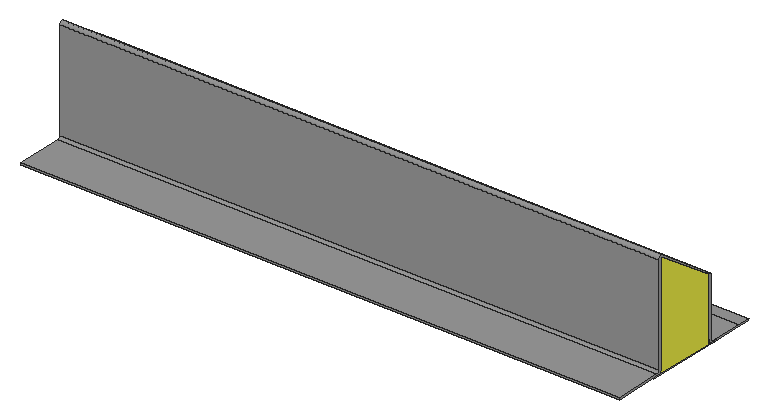
Revit family "HDK 130", category Generic Models, Revit 2014
Parameters (values of type "Max lintel length 4000mm")
  URL = "http://www.keystonelintels.co.uk"
  Structural Opening [instance] = 900 mm
  Structural Performance = "The Keystone lintel range has safe working loads as detailed in each applicable loading table in the Keystone Lintel Guide brochure. The structural performance figures within each table have been ascertained by testing in accordance with the requirements of standards BS EN 5977-2: 1983 and BS EN 845-2: 2003."
  RIBA Productor Selector = "available for Keystone Lintels Ltd from Keystone Lintels Ltd from ribaproductselector.com"
  Model = "HD/K 130"
  Min Length = 600 mm
  Min Clear Span = 300 mm
  Max Length = 4000 mm
  Max Clear Span = 4800 mm
  Material - Stainless Steel = "Grade 304 2b 1.4307 to BS EN 10088-2. Other grades available on request: contact manufacturer."
  Material - Galvanised Steel = "To BS EN 10346: 2009. DX51D plus Z600 or grade Z275 to BS 5977-2: 1983 (BS EN 845-2: 2003)."
  Manufacturer = "Keystone"
  Manufactured Length [instance] = (roundup(Effective Length / 150 mm) * 150 mm)  # 1200 mm
  Lintel height [instance] = 2100 mm
  Keynote = "F30/755"
  Fire Performance = "Keystone lintels have been subjected to a fire test (WARRES No. 101263) in accordance with BS 476-20: 1987, at Exova Warrington Fire and achieved a one hour fire performance."
  End Bearing = 150 mm
  Effective Length [instance] = Clear Opening with MIN MAX set + End Bearing * 2  # 1200 mm
  Corrosion = "Keystone’s standard range of lintels are manufactured from high quality grade pre-galvanized carbon steel with a zinc coating of 600"
  Contact Tel = "+44 (0)28 8676 2184"
  Contact Email = "info@keystonelintels.co.uk"
  Clear Opening with MIN MAX set [instance] = if(Structural Opening < Min Clear Span, Min Clear Span, (if(Structural Opening > Max Clear Span, Max Clear Span, Structural Opening)))  # 900 mm
  CPD Information = "Available for Keystone Lintels Ltd from ribacpd.com"
Reference planes
  plane 1 "Center (Front/Back)": y = 0
  plane 2: z = 0
  plane 3 "Center (Left/Right)": x = 0
  plane 4: x = -600
  plane 5: x = 600
  plane 6: z = 2100
  plane 7: x = -450
  plane 8: x = 450
Forms (mm)
  Extrusion 1, solid, material "Steel"
    sketch origin (0, 713.339, -504.723) x (0, 1, 0) y (0, 0, 1)
      loop
        line (-580.486, 2607.923) -> (-645.486, 2607.923)
        arc (-645.486, 2607.923) -> (-649.022, 2609.388) -> (-650.486, 2612.923) r 5
        line (-650.486, 2612.923) -> (-650.486, 2729.215)
        arc (-650.486, 2729.215) -> (-651.074, 2731.616) -> (-652.704, 2733.474) r 5.2
        line (-652.704, 2733.474) -> (-770.304, 2815.819)
        arc (-770.304, 2815.819) -> (-775.687, 2816.171) -> (-778.486, 2811.559) r 5.2
        line (-778.486, 2811.559) -> (-778.486, 2612.923)
        arc (-778.486, 2612.923) -> (-779.951, 2609.388) -> (-783.486, 2607.923) r 5
        line (-783.486, 2607.923) -> (-878.486, 2607.923) -> (-878.486, 2604.723) -> (-783.486, 2604.723)
        arc (-783.486, 2604.723) -> (-777.688, 2607.125) -> (-775.286, 2612.923) r 8.2
        line (-775.286, 2612.923) -> (-775.286, 2811.559)
        arc (-775.286, 2811.559) -> (-774.21, 2813.333) -> (-772.139, 2813.197) r 2
        line (-772.139, 2813.197) -> (-654.539, 2730.853)
        arc (-654.539, 2730.853) -> (-653.912, 2730.138) -> (-653.686, 2729.215) r 2
        line (-653.686, 2729.215) -> (-653.686, 2612.923)
        arc (-653.686, 2612.923) -> (-651.284, 2607.125) -> (-645.486, 2604.723) r 8.2
        line (-645.486, 2604.723) -> (-580.541, 2604.723) -> (-555.595, 2603.874) -> (-555.486, 2607.072) -> (-580.486, 2607.923)
    from -600 to 600
  Extrusion 2, solid, material "Insulation"
    sketch origin (0, 713.339, -504.723) x (0, 1, 0) y (0, 0, 1)
      loop
        arc (-645.486, 2604.723) -> (-651.284, 2607.125) -> (-653.686, 2612.923) r 8.2
        line (-653.686, 2612.923) -> (-653.686, 2729.215)
        arc (-653.686, 2729.215) -> (-653.912, 2730.138) -> (-654.539, 2730.853) r 2
        line (-654.539, 2730.853) -> (-772.139, 2813.197)
        arc (-772.139, 2813.197) -> (-774.21, 2813.333) -> (-775.286, 2811.559) r 2
        line (-775.286, 2811.559) -> (-775.286, 2612.923)
        arc (-775.286, 2612.923) -> (-777.688, 2607.125) -> (-783.486, 2604.723) r 8.2
        line (-783.486, 2604.723) -> (-654.926, 2604.723) -> (-654.926, 2612.723) -> (-653.926, 2612.723) -> (-653.926, 2604.723) -> (-645.486, 2604.723)
    from -600 to 600
  Extrusion 3, solid, material "Steel"
    sketch origin (0, 713.339, -504.723) x (0, 1, 0) y (0, 0, 1)
      loop
        line (-636.926, 2604.723) -> (-653.926, 2604.723) -> (-653.926, 2612.723) -> (-654.926, 2612.723) -> (-654.926, 2604.723) -> (-791.957, 2604.723) -> (-791.957, 2603.723) -> (-636.926, 2603.723) -> (-636.926, 2604.723)
    from -600 to 600
  Extrusion 4, solid, not visible
    sketch origin (0, 1040.762, 965.696) x (0, 1, 0) y (0, 0, 1)
      loop
        line (-636.926, 1004.723) -> (-653.926, 1004.723) -> (-653.926, 1012.723) -> (-654.926, 1012.723) -> (-654.926, 1004.723) -> (-791.957, 1004.723) -> (-791.957, 1003.723) -> (-636.926, 1003.723) -> (-636.926, 1004.723)
    from 0 to 250
  Extrusion 5, solid, not visible
    sketch origin (0, 476.44, 1253.798) x (0, 1, 0) y (0, 0, 1)
      loop
        arc (-645.486, 1004.723) -> (-651.284, 1007.125) -> (-653.686, 1012.923) r 8.2
        line (-653.686, 1012.923) -> (-653.686, 1129.215)
        arc (-653.686, 1129.215) -> (-653.912, 1130.138) -> (-654.539, 1130.853) r 2
        line (-654.539, 1130.853) -> (-772.139, 1213.197)
        arc (-772.139, 1213.197) -> (-774.21, 1213.333) -> (-775.286, 1211.559) r 2
        line (-775.286, 1211.559) -> (-775.286, 1012.923)
        arc (-775.286, 1012.923) -> (-777.688, 1007.125) -> (-783.486, 1004.723) r 8.2
        line (-783.486, 1004.723) -> (-654.926, 1004.723) -> (-654.926, 1012.723) -> (-653.926, 1012.723) -> (-653.926, 1004.723) -> (-645.486, 1004.723)
    from 0 to 250
  Extrusion 6, solid, not visible
    sketch origin (0, 1002.387, 1251.366) x (0, 1, 0) y (0, 0, 1)
      loop
        line (-580.486, 1007.923) -> (-645.486, 1007.923)
        arc (-645.486, 1007.923) -> (-649.022, 1009.388) -> (-650.486, 1012.923) r 5
        line (-650.486, 1012.923) -> (-650.486, 1129.215)
        arc (-650.486, 1129.215) -> (-651.074, 1131.616) -> (-652.704, 1133.474) r 5.2
        line (-652.704, 1133.474) -> (-770.304, 1215.819)
        arc (-770.304, 1215.819) -> (-775.687, 1216.171) -> (-778.486, 1211.559) r 5.2
        line (-778.486, 1211.559) -> (-778.486, 1012.923)
        arc (-778.486, 1012.923) -> (-779.951, 1009.388) -> (-783.486, 1007.923) r 5
        line (-783.486, 1007.923) -> (-878.486, 1007.923) -> (-878.486, 1004.723) -> (-783.486, 1004.723)
        arc (-783.486, 1004.723) -> (-777.688, 1007.125) -> (-775.286, 1012.923) r 8.2
        line (-775.286, 1012.923) -> (-775.286, 1211.559)
        arc (-775.286, 1211.559) -> (-774.21, 1213.333) -> (-772.139, 1213.197) r 2
        line (-772.139, 1213.197) -> (-654.539, 1130.853)
        arc (-654.539, 1130.853) -> (-653.912, 1130.138) -> (-653.686, 1129.215) r 2
        line (-653.686, 1129.215) -> (-653.686, 1012.923)
        arc (-653.686, 1012.923) -> (-651.284, 1007.125) -> (-645.486, 1004.723) r 8.2
        line (-645.486, 1004.723) -> (-580.541, 1004.723) -> (-555.595, 1003.874) -> (-555.486, 1007.072) -> (-580.486, 1007.923)
    from 0 to 250
Dimensions and locks
  equal spacing: plane 4, plane 3 "Center (Left/Right)", plane 5
  "Manufactured Length": plane 4 to plane 5
  "Lintel height": plane 6 to level
  "Structural Opening": plane 7 to plane 8
  equal spacing: plane 7, plane 3 "Center (Left/Right)", plane 8
  aligned and locked: level to plane 2
  aligned and locked: Extrusion 1 to plane 6
  aligned and locked: Extrusion 2 to plane 6
  aligned and locked: plane 6 to Extrusion 3
  aligned and locked: plane 5 to Extrusion 1
  aligned and locked: Extrusion 1 to plane 4
  aligned and locked: Extrusion 2 to plane 4
  aligned and locked: plane 5 to Extrusion 2
  aligned and locked: plane 5 to Extrusion 3
  aligned and locked: Extrusion 3 to plane 4
Automatic sketch dimensions
  Extrusion 1 sketch curve to Extrusion 1 sketch curve = 0.109 mm
  Extrusion 1 sketch curve to Extrusion 1 sketch curve = 25 mm
  Extrusion 1 sketch curve to Extrusion 1 sketch curve = 3.198 mm
  Extrusion 1 sketch curve to Extrusion 1 sketch curve = 0.054 mm
  Extrusion 1 sketch curve to Extrusion 1 sketch curve = 64.946 mm
  Extrusion 1 sketch curve to Extrusion 1 sketch curve = 5 mm  (x2)
  Extrusion 1 sketch curve to Extrusion 1 sketch curve = 0 mm  (x17)
  Extrusion 1 sketch curve to Extrusion 1 sketch curve = 116.291 mm
  Extrusion 1 sketch curve to Extrusion 1 sketch curve = 2 mm
  Extrusion 1 sketch curve to Extrusion 1 sketch curve = 0.853 mm
  Extrusion 1 sketch curve to Extrusion 1 sketch curve = 1.835 mm  (x2)
  Extrusion 1 sketch curve to Extrusion 1 sketch curve = 117.6 mm
  Extrusion 1 sketch curve to Extrusion 1 sketch curve = 82.344 mm
  Extrusion 1 sketch curve to Extrusion 1 sketch curve = 2.621 mm
  Extrusion 1 sketch curve to Extrusion 1 sketch curve = 1.147 mm
  Extrusion 1 sketch curve to Extrusion 1 sketch curve = 1.638 mm
  Extrusion 1 sketch curve to Extrusion 1 sketch curve = 95 mm
  Extrusion 2 sketch curve to Extrusion 2 sketch curve = 2 mm
  Extrusion 2 sketch curve to Extrusion 2 sketch curve = 1.147 mm  (x2)
  Extrusion 2 sketch curve to Extrusion 2 sketch curve = 117.6 mm
  Extrusion 2 sketch curve to Extrusion 2 sketch curve = 0.76 mm
  Extrusion 2 sketch curve to Extrusion 2 sketch curve = 1 mm
  Extrusion 2 sketch curve to Extrusion 2 sketch curve = 0.24 mm
  Extrusion 2 sketch curve to Extrusion 2 sketch curve = 8.44 mm
  Extrusion 2 sketch curve to Extrusion 2 sketch curve = 0 mm
  Extrusion 2 sketch curve to Extrusion 2 sketch curve = 0.2 mm
  Extrusion 2 sketch curve to Extrusion 2 sketch curve = 8.2 mm
  Extrusion 2 sketch curve to Extrusion 2 sketch curve = 116.291 mm
  Extrusion 2 sketch curve to Extrusion 2 sketch curve = 82.344 mm
  Extrusion 3 sketch curve to Extrusion 3 sketch curve = 17 mm
  Extrusion 3 sketch curve to Extrusion 3 sketch curve = 1 mm  (x2)
  Extrusion 3 sketch curve to Extrusion 3 sketch curve = 138.031 mm
  Extrusion 3 sketch curve to Extrusion 3 sketch curve = 8 mm
  Extrusion 3 sketch curve to Extrusion 3 sketch curve = 0 mm
  Extrusion 4 sketch curve to Extrusion 4 sketch curve = 17 mm
  Extrusion 4 sketch curve to Extrusion 4 sketch curve = 1 mm  (x2)
  Extrusion 4 sketch curve to Extrusion 4 sketch curve = 138.031 mm
  Extrusion 4 sketch curve to Extrusion 4 sketch curve = 8 mm
  Extrusion 4 sketch curve to Extrusion 4 sketch curve = 0 mm
  Extrusion 5 sketch curve to Extrusion 5 sketch curve = 2 mm
  Extrusion 5 sketch curve to Extrusion 5 sketch curve = 1.147 mm  (x2)
  Extrusion 5 sketch curve to Extrusion 5 sketch curve = 117.6 mm
  Extrusion 5 sketch curve to Extrusion 5 sketch curve = 0.76 mm
  Extrusion 5 sketch curve to Extrusion 5 sketch curve = 1 mm
  Extrusion 5 sketch curve to Extrusion 5 sketch curve = 0.24 mm
  Extrusion 5 sketch curve to Extrusion 5 sketch curve = 8.44 mm
  Extrusion 5 sketch curve to Extrusion 5 sketch curve = 0 mm
  Extrusion 5 sketch curve to Extrusion 5 sketch curve = 0.2 mm
  Extrusion 5 sketch curve to Extrusion 5 sketch curve = 8.2 mm
  Extrusion 5 sketch curve to Extrusion 5 sketch curve = 116.291 mm
  Extrusion 5 sketch curve to Extrusion 5 sketch curve = 82.344 mm
  Extrusion 6 sketch curve to Extrusion 6 sketch curve = 0.109 mm
  Extrusion 6 sketch curve to Extrusion 6 sketch curve = 25 mm
  Extrusion 6 sketch curve to Extrusion 6 sketch curve = 3.198 mm
  Extrusion 6 sketch curve to Extrusion 6 sketch curve = 0.054 mm
  Extrusion 6 sketch curve to Extrusion 6 sketch curve = 64.946 mm
  Extrusion 6 sketch curve to Extrusion 6 sketch curve = 5 mm  (x2)
  Extrusion 6 sketch curve to Extrusion 6 sketch curve = 0 mm  (x17)
  Extrusion 6 sketch curve to Extrusion 6 sketch curve = 116.291 mm
  Extrusion 6 sketch curve to Extrusion 6 sketch curve = 2 mm
  Extrusion 6 sketch curve to Extrusion 6 sketch curve = 0.853 mm
  Extrusion 6 sketch curve to Extrusion 6 sketch curve = 1.835 mm  (x2)
  Extrusion 6 sketch curve to Extrusion 6 sketch curve = 117.6 mm
  Extrusion 6 sketch curve to Extrusion 6 sketch curve = 82.344 mm
  Extrusion 6 sketch curve to Extrusion 6 sketch curve = 2.621 mm
  Extrusion 6 sketch curve to Extrusion 6 sketch curve = 1.147 mm
  Extrusion 6 sketch curve to Extrusion 6 sketch curve = 1.638 mm
  Extrusion 6 sketch curve to Extrusion 6 sketch curve = 95 mm
  Extrusion 1 sketch curve to plane 6 = 0 mm
  plane 1 "Center (Front/Back)" to Extrusion 1 sketch curve = 165.147 mm
  Extrusion 3 sketch curve to plane 6 = 0 mm
  plane 1 "Center (Front/Back)" to Extrusion 3 sketch curve = 78.618 mm
  Extrusion 2 sketch curve to plane 6 = 0 mm
  plane 1 "Center (Front/Back)" to Extrusion 2 sketch curve = 70.147 mm
